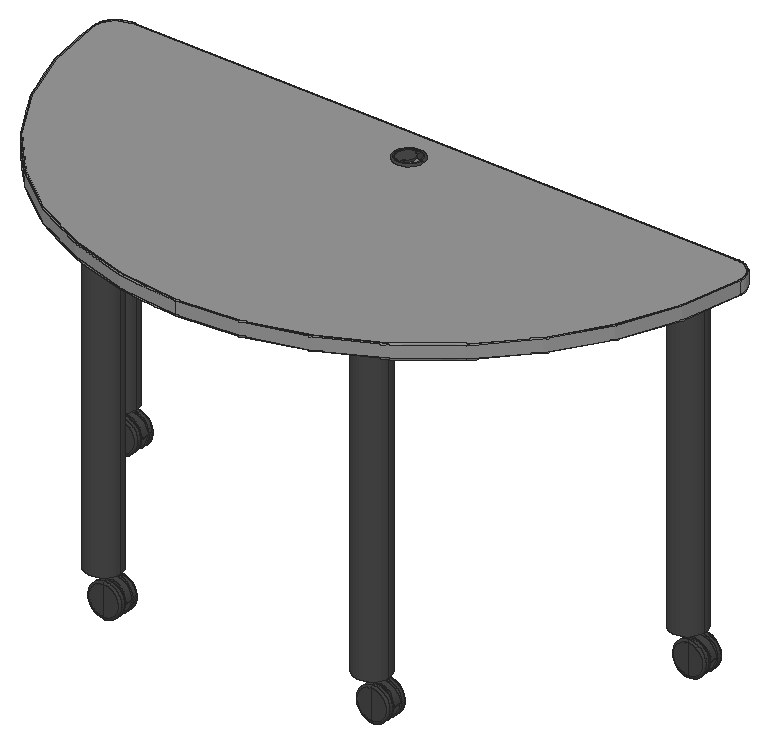
Revit family "Modular Conference Table Half Round", category Generic Models, Revit 2018
Family settings
  Can host rebar = No
  Round Connector Dimension = Use Diameter
  Part Type = Normal
  Work Plane-Based = No
  Always vertical = Yes
  Cut with Voids When Loaded = No
  Shared = No
  Room Calculation Point = No
Parameters
  Surface = Modular Half Round Surface
  Edgeband = Modular Half Round Edgeband
Reference planes (in)
  plane 1 "Center (Front/Back)": y = 0
  plane 2: z = 0
  plane 3 "Center (Left/Right)": x = 0
Forms (in)
  Extrusion 1, solid, material "Modular Half Round Surface" <- "Surface"
    sketch origin (0, 0, 0) x (1, 0, 0) y (0, 1, 0)
      loop
        circle (0, 11.5) r 1.21937
      loop
        line (26.92539, 14.42126) -> (-26.92539, 14.42126)
        arc (-26.92539, 14.42126) -> (-28.30406, 13.82067) -> (-28.80279, 12.40197) r 1.88218
        arc (-28.80279, 12.40197) -> (-19.64181, -6.61326) -> (0, -14.33996) r 28.92149
        arc (0, -14.33996) -> (19.66127, -6.63421) -> (28.80279, 12.40197) r 28.84306
        arc (28.80279, 12.40197) -> (28.30406, 13.82067) -> (26.92539, 14.42126) r 1.88218
    from 30.55647 to 31.80647
  Sweep 2, solid, material "Modular Half Round Edgeband" <- "Edgeband"
    path origin (0, 0, 0) x (1, 0, 0) y (0, 1, 0)
      loop
        arc (-28.80279, 12.40197) -> (-19.64181, -6.61326) -> (0, -14.33996) r 28.92149
        arc (0, -14.33996) -> (19.66127, -6.63421) -> (28.80279, 12.40197) r 28.84306
        arc (28.80279, 12.40197) -> (28.30406, 13.82067) -> (26.92539, 14.42126) r 1.88218
        line (26.92539, 14.42126) -> (-26.92539, 14.42126)
        arc (-26.92539, 14.42126) -> (-28.30406, 13.82067) -> (-28.80279, 12.40197) r 1.88218
    profile origin (-19.64181, -6.61326, 0) x (0.680403, 0.732838, 0) y (0, 0, 1)
      loop
        arc (0, 31.80647) -> (-0.05568, 31.78341) -> (-0.07874, 31.72773) r 0.07874
        line (-0.07874, 31.72773) -> (-0.07874, 30.63521)
        arc (-0.07874, 30.63521) -> (-0.05568, 30.57953) -> (0, 30.55647) r 0.07874
        line (0, 30.55647) -> (0, 31.80647)
  Sweep 3, solid, material "Modular Grommet"
    path origin (0, 0.50626, 0) x (1, 0, 0) y (0, 1, 0)
      loop
        circle (0, 11) r 1.21937
    profile origin (0, 12.72564, 0) x (0, 1, 0) y (0, 0, 1)
      loop
        line (-0.09608, 31.80647) -> (0.06005, 31.80647)
        arc (0.06005, 31.80647) -> (-0.00337, 31.87932) -> (-0.09608, 31.90647) r 0.17188
        line (-0.09608, 31.90647) -> (-0.1889, 31.90647) -> (-0.1889, 31.30647) -> (-0.09608, 31.30647) -> (-0.09608, 31.80647)
  Extrusion 4, solid, material "Modular Grommet"
    sketch origin (0, 22.50627, 0) x (-1, 0, 0) y (0, -1, 0)
      loop
        arc (-0.11798, 11.61999) -> (-0.53018, 10.99892) -> (-0.11599, 10.37918) r 0.67236
        arc (-0.11599, 10.37918) -> (-0.05885, 10.34094) -> (-0.01963, 10.28448) r 0.18494
        arc (-0.01963, 10.28448) -> (-0.04716, 10.07758) -> (-0.24007, 9.99789) r 0.20881
        arc (-0.24007, 9.99789) -> (0.63815, 10.19091) -> (1.03047, 11) r 1.03047
        arc (1.03047, 11) -> (0.63815, 11.80909) -> (-0.24007, 12.00211) r 1.03047
        arc (-0.24007, 12.00211) -> (-0.04716, 11.92242) -> (-0.01963, 11.71552) r 0.20881
        arc (-0.01963, 11.71552) -> (-0.05962, 11.6583) -> (-0.11798, 11.61999) r 0.18494
    from 31.80647 to 31.90647
  Extrusion 5, solid, material "Modular Frame"
    sketch origin (0, 0, 0) x (1, 0, 0) y (0, 1, 0)
      loop
        line (22.72001, 13.09921) -> (22.72001, 9.09921)
        arc (22.72001, 9.09921) -> (22.86646, 8.74566) -> (23.22001, 8.59921) r 0.5
        line (23.22001, 8.59921) -> (27.22001, 8.59921)
        arc (27.22001, 8.59921) -> (27.57356, 8.74566) -> (27.72001, 9.09922) r 0.5
        line (27.72001, 9.09922) -> (27.72001, 13.09922)
        arc (27.72001, 13.09922) -> (27.57356, 13.45277) -> (27.22001, 13.59921) r 0.5
        line (27.22001, 13.59921) -> (23.22001, 13.59921)
        arc (23.22001, 13.59921) -> (22.86646, 13.45277) -> (22.72001, 13.09921) r 0.5
      loop
        line (9.5446, -5.66523) -> (9.5446, -9.66523)
        arc (9.5446, -9.66523) -> (9.69104, -10.01878) -> (10.0446, -10.16523) r 0.5
        line (10.0446, -10.16523) -> (14.0446, -10.16523)
        arc (14.0446, -10.16523) -> (14.39815, -10.01878) -> (14.5446, -9.66523) r 0.5
        line (14.5446, -9.66523) -> (14.5446, -5.66523)
        arc (14.5446, -5.66523) -> (14.39815, -5.31168) -> (14.0446, -5.16523) r 0.5
        line (14.0446, -5.16523) -> (10.0446, -5.16523)
        arc (10.0446, -5.16523) -> (9.69105, -5.31168) -> (9.5446, -5.66523) r 0.5
      loop
        arc (-22.93795, 13.09921) -> (-23.0844, 13.45277) -> (-23.43795, 13.59921) r 0.5
        line (-23.43795, 13.59921) -> (-27.43795, 13.59921)
        arc (-27.43795, 13.59921) -> (-27.7915, 13.45277) -> (-27.93795, 13.09922) r 0.5
        line (-27.93795, 13.09922) -> (-27.93795, 9.09922)
        arc (-27.93795, 9.09922) -> (-27.7915, 8.74566) -> (-27.43795, 8.59921) r 0.5
        line (-27.43795, 8.59921) -> (-23.43795, 8.59921)
        arc (-23.43795, 8.59921) -> (-23.0844, 8.74566) -> (-22.93795, 9.09921) r 0.5
        line (-22.93795, 9.09921) -> (-22.93795, 13.09921)
      loop
        arc (-9.22469, -5.81575) -> (-9.37113, -5.4622) -> (-9.72469, -5.31575) r 0.5
        line (-9.72469, -5.31575) -> (-13.72469, -5.31575)
        arc (-13.72469, -5.31575) -> (-14.07824, -5.4622) -> (-14.22469, -5.81575) r 0.5
        line (-14.22469, -5.81575) -> (-14.22469, -9.81575)
        arc (-14.22469, -9.81575) -> (-14.07824, -10.1693) -> (-13.72468, -10.31575) r 0.5
        line (-13.72468, -10.31575) -> (-9.72469, -10.31575)
        arc (-9.72469, -10.31575) -> (-9.37113, -10.16931) -> (-9.22469, -9.81575) r 0.5
        line (-9.22469, -9.81575) -> (-9.22469, -5.81575)
    from 30.45647 to 30.55647
  Extrusion 6, solid, material "Modular Frame"
    sketch origin (0, 0, 0) x (1, 0, 0) y (0, 1, 0)
      loop
        circle (25.21886, 11.09591) r 1.5
      loop
        circle (12.04446, -7.66727) r 1.5
      loop
        circle (-25.43761, 11.09591) r 1.5
      loop
        circle (-11.73196, -7.82352) r 1.5
    from 3.45647 to 30.45647
  Revolve 7, solid, material "Modular Casters"
    sketch origin (-25.43761, 27.90694, 0) x (0, -1, 0) y (0, 0, 1)
      loop
        line (16.81102, 3.5211) -> (16.81102, 3.16677) -> (17.00648, 3.16677) -> (17.00648, 3.20614) -> (17.08661, 3.20614) -> (17.08661, 3.44236) -> (17.1339, 3.44236) -> (17.1339, 3.5211) -> (16.81102, 3.5211)
      axis (16.81102, 3.5211) -> (16.81102, 3.16677)
    angle from 0 to 360
  Revolve 8, solid, material "Modular Casters"
    sketch origin (-24.64377, 27.90694, 0) x (0, -1, 0) y (0, 0, 1)
      loop
        line (17.22441, 1.4778) -> (17.22441, 0.07982)
        arc (17.22441, 0.07982) -> (17.24779, 0.02338) -> (17.30423, 0) r 0.07982
        line (17.30423, 0) -> (17.61778, 0)
        arc (17.61778, 0) -> (17.7291, 0.04611) -> (17.7752, 0.15742) r 0.15742
        line (17.7752, 0.15742) -> (17.7752, 1.4778) -> (17.22441, 1.4778)
      axis (17.22441, 1.4778) -> (17.7752, 1.4778)
    angle from 0 to 360
  Extrusion 9, solid, material "Modular Casters"
    sketch origin (-15.00314, 27.90694, 0) x (1, 0, 0) y (0, 0, 1)
      loop
        arc (-8.77559, 1.08409) -> (-8.74775, 1.09563) -> (-8.73622, 1.12347) r 0.03937
        line (-8.73622, 1.12347) -> (-8.73622, 1.43843)
        arc (-8.73622, 1.43843) -> (-8.72469, 1.46626) -> (-8.69685, 1.4778) r 0.03937
        line (-8.69685, 1.4778) -> (-8.20422, 1.4778)
        arc (-8.20422, 1.4778) -> (-8.17682, 1.4885) -> (-8.16394, 1.51495) r 0.04041
        arc (-8.16394, 1.51495) -> (-9.83914, 2.94108) -> (-11.07437, 1.12056) r 1.4773
        arc (-11.07437, 1.12056) -> (-11.06369, 1.09477) -> (-11.03791, 1.08409) r 0.03646
        line (-11.03791, 1.08409) -> (-8.77559, 1.08409)
    from 16.51575 to 17.1063
  Revolve 10, solid, material "Modular Casters"
    sketch origin (-25.43538, 27.90694, 0) x (0, -1, 0) y (0, 0, 1)
      loop
        line (17.1063, 2.16677) -> (17.1063, 3.16677) -> (16.81102, 3.16677) -> (16.81102, 2.16677) -> (17.1063, 2.16677)
      axis (16.81102, 3.16677) -> (16.81102, 2.16677)
    angle from 0 to 360
  Extrusion 11, solid, material "Modular Casters"
    sketch origin (-15.00314, 27.90694, 0) x (1, 0, 0) y (0, 0, 1)
      loop
        circle (-9.64651, 1.48012) r 0.29382
    from 16.39764 to 17.22441
  Revolve 12, solid, material "Modular Casters"
    sketch origin (-24.64377, -5.71511, 0) x (0, 1, 0) y (0, 0, -1)
      loop
        line (17.22441, -1.4778) -> (17.7752, -1.4778) -> (17.7752, -0.15742)
        arc (17.7752, -0.15742) -> (17.7291, -0.04611) -> (17.61778, 0) r 0.15742
        line (17.61778, 0) -> (17.30423, 0)
        arc (17.30423, 0) -> (17.24779, -0.02338) -> (17.22441, -0.07982) r 0.07982
        line (17.22441, -0.07982) -> (17.22441, -1.4778)
      axis (17.22441, -1.4778) -> (17.7752, -1.4778)
    angle from 0 to 360
  Revolve 13, solid, material "Modular Casters"
    sketch origin (-11.73196, 8.98751, 0) x (0, -1, 0) y (0, 0, 1)
      loop
        line (16.81102, 3.5211) -> (16.81102, 3.16677) -> (17.00648, 3.16677) -> (17.00648, 3.20614) -> (17.08661, 3.20614) -> (17.08661, 3.44236) -> (17.1339, 3.44236) -> (17.1339, 3.5211) -> (16.81102, 3.5211)
      axis (16.81102, 3.5211) -> (16.81102, 3.16677)
    angle from 0 to 360
  Revolve 14, solid, material "Modular Casters"
    sketch origin (-10.93812, 8.98751, 0) x (0, -1, 0) y (0, 0, 1)
      loop
        line (17.22441, 1.4778) -> (17.22441, 0.07982)
        arc (17.22441, 0.07982) -> (17.24779, 0.02338) -> (17.30423, 0) r 0.07982
        line (17.30423, 0) -> (17.61778, 0)
        arc (17.61778, 0) -> (17.7291, 0.04611) -> (17.7752, 0.15742) r 0.15742
        line (17.7752, 0.15742) -> (17.7752, 1.4778) -> (17.22441, 1.4778)
      axis (17.22441, 1.4778) -> (17.7752, 1.4778)
    angle from 0 to 360
  Extrusion 15, solid, material "Modular Casters"
    sketch origin (-1.29749, 8.98751, 0) x (1, 0, 0) y (0, 0, 1)
      loop
        arc (-8.77559, 1.08409) -> (-8.74775, 1.09563) -> (-8.73622, 1.12347) r 0.03937
        line (-8.73622, 1.12347) -> (-8.73622, 1.43843)
        arc (-8.73622, 1.43843) -> (-8.72469, 1.46626) -> (-8.69685, 1.4778) r 0.03937
        line (-8.69685, 1.4778) -> (-8.20422, 1.4778)
        arc (-8.20422, 1.4778) -> (-8.17682, 1.4885) -> (-8.16394, 1.51495) r 0.04041
        arc (-8.16394, 1.51495) -> (-9.83914, 2.94108) -> (-11.07437, 1.12056) r 1.4773
        arc (-11.07437, 1.12056) -> (-11.06369, 1.09477) -> (-11.03791, 1.08409) r 0.03646
        line (-11.03791, 1.08409) -> (-8.77559, 1.08409)
    from 16.51575 to 17.1063
  Revolve 16, solid, material "Modular Casters"
    sketch origin (-11.72973, 8.98751, 0) x (0, -1, 0) y (0, 0, 1)
      loop
        line (17.1063, 2.16677) -> (17.1063, 3.16677) -> (16.81102, 3.16677) -> (16.81102, 2.16677) -> (17.1063, 2.16677)
      axis (16.81102, 3.16677) -> (16.81102, 2.16677)
    angle from 0 to 360
  Extrusion 17, solid, material "Modular Casters"
    sketch origin (-1.29749, 8.98751, 0) x (1, 0, 0) y (0, 0, 1)
      loop
        circle (-9.64651, 1.48012) r 0.29382
    from 16.39764 to 17.22441
  Revolve 18, solid, material "Modular Casters"
    sketch origin (-10.93812, -24.63454, 0) x (0, 1, 0) y (0, 0, -1)
      loop
        line (17.22441, -1.4778) -> (17.7752, -1.4778) -> (17.7752, -0.15742)
        arc (17.7752, -0.15742) -> (17.7291, -0.04611) -> (17.61778, 0) r 0.15742
        line (17.61778, 0) -> (17.30423, 0)
        arc (17.30423, 0) -> (17.24779, -0.02338) -> (17.22441, -0.07982) r 0.07982
        line (17.22441, -0.07982) -> (17.22441, -1.4778)
      axis (17.22441, -1.4778) -> (17.7752, -1.4778)
    angle from 0 to 360
  Revolve 19, solid, material "Modular Casters"
    sketch origin (25.21886, 27.90694, 0) x (0, -1, 0) y (0, 0, 1)
      loop
        line (16.81102, 3.5211) -> (16.81102, 3.16677) -> (17.00648, 3.16677) -> (17.00648, 3.20614) -> (17.08661, 3.20614) -> (17.08661, 3.44236) -> (17.1339, 3.44236) -> (17.1339, 3.5211) -> (16.81102, 3.5211)
      axis (16.81102, 3.5211) -> (16.81102, 3.16677)
    angle from 0 to 360
  Revolve 20, solid, material "Modular Casters"
    sketch origin (26.01269, 27.90694, 0) x (0, -1, 0) y (0, 0, 1)
      loop
        line (17.22441, 1.4778) -> (17.22441, 0.07982)
        arc (17.22441, 0.07982) -> (17.24779, 0.02338) -> (17.30423, 0) r 0.07982
        line (17.30423, 0) -> (17.61778, 0)
        arc (17.61778, 0) -> (17.7291, 0.04611) -> (17.7752, 0.15742) r 0.15742
        line (17.7752, 0.15742) -> (17.7752, 1.4778) -> (17.22441, 1.4778)
      axis (17.22441, 1.4778) -> (17.7752, 1.4778)
    angle from 0 to 360
  Extrusion 21, solid, material "Modular Casters"
    sketch origin (35.65332, 27.90694, 0) x (1, 0, 0) y (0, 0, 1)
      loop
        arc (-8.77559, 1.08409) -> (-8.74775, 1.09563) -> (-8.73622, 1.12347) r 0.03937
        line (-8.73622, 1.12347) -> (-8.73622, 1.43843)
        arc (-8.73622, 1.43843) -> (-8.72469, 1.46626) -> (-8.69685, 1.4778) r 0.03937
        line (-8.69685, 1.4778) -> (-8.20422, 1.4778)
        arc (-8.20422, 1.4778) -> (-8.17682, 1.4885) -> (-8.16394, 1.51495) r 0.04041
        arc (-8.16394, 1.51495) -> (-9.83914, 2.94108) -> (-11.07437, 1.12056) r 1.4773
        arc (-11.07437, 1.12056) -> (-11.06369, 1.09477) -> (-11.03791, 1.08409) r 0.03646
        line (-11.03791, 1.08409) -> (-8.77559, 1.08409)
    from 16.51575 to 17.1063
  Revolve 22, solid, material "Modular Casters"
    sketch origin (25.22108, 27.90694, 0) x (0, -1, 0) y (0, 0, 1)
      loop
        line (17.1063, 2.16677) -> (17.1063, 3.16677) -> (16.81102, 3.16677) -> (16.81102, 2.16677) -> (17.1063, 2.16677)
      axis (16.81102, 3.16677) -> (16.81102, 2.16677)
    angle from 0 to 360
  Extrusion 23, solid, material "Modular Casters"
    sketch origin (35.65332, 27.90694, 0) x (1, 0, 0) y (0, 0, 1)
      loop
        circle (-9.64651, 1.48012) r 0.29382
    from 16.39764 to 17.22441
  Revolve 24, solid, material "Modular Casters"
    sketch origin (26.01269, -5.71511, 0) x (0, 1, 0) y (0, 0, -1)
      loop
        line (17.22441, -1.4778) -> (17.7752, -1.4778) -> (17.7752, -0.15742)
        arc (17.7752, -0.15742) -> (17.7291, -0.04611) -> (17.61778, 0) r 0.15742
        line (17.61778, 0) -> (17.30423, 0)
        arc (17.30423, 0) -> (17.24779, -0.02338) -> (17.22441, -0.07982) r 0.07982
        line (17.22441, -0.07982) -> (17.22441, -1.4778)
      axis (17.22441, -1.4778) -> (17.7752, -1.4778)
    angle from 0 to 360
  Revolve 25, solid, material "Modular Casters"
    sketch origin (12.04446, 9.14376, 0) x (0, -1, 0) y (0, 0, 1)
      loop
        line (16.81102, 3.5211) -> (16.81102, 3.16677) -> (17.00648, 3.16677) -> (17.00648, 3.20614) -> (17.08661, 3.20614) -> (17.08661, 3.44236) -> (17.1339, 3.44236) -> (17.1339, 3.5211) -> (16.81102, 3.5211)
      axis (16.81102, 3.5211) -> (16.81102, 3.16677)
    angle from 0 to 360
  Revolve 26, solid, material "Modular Casters"
    sketch origin (12.83829, 9.14376, 0) x (0, -1, 0) y (0, 0, 1)
      loop
        line (17.22441, 1.4778) -> (17.22441, 0.07982)
        arc (17.22441, 0.07982) -> (17.24779, 0.02338) -> (17.30423, 0) r 0.07982
        line (17.30423, 0) -> (17.61778, 0)
        arc (17.61778, 0) -> (17.7291, 0.04611) -> (17.7752, 0.15742) r 0.15742
        line (17.7752, 0.15742) -> (17.7752, 1.4778) -> (17.22441, 1.4778)
      axis (17.22441, 1.4778) -> (17.7752, 1.4778)
    angle from 0 to 360
  Extrusion 27, solid, material "Modular Casters"
    sketch origin (22.47892, 9.14376, 0) x (1, 0, 0) y (0, 0, 1)
      loop
        arc (-8.77559, 1.08409) -> (-8.74775, 1.09563) -> (-8.73622, 1.12347) r 0.03937
        line (-8.73622, 1.12347) -> (-8.73622, 1.43843)
        arc (-8.73622, 1.43843) -> (-8.72469, 1.46626) -> (-8.69685, 1.4778) r 0.03937
        line (-8.69685, 1.4778) -> (-8.20422, 1.4778)
        arc (-8.20422, 1.4778) -> (-8.17682, 1.4885) -> (-8.16394, 1.51495) r 0.04041
        arc (-8.16394, 1.51495) -> (-9.83914, 2.94108) -> (-11.07437, 1.12056) r 1.4773
        arc (-11.07437, 1.12056) -> (-11.06369, 1.09477) -> (-11.03791, 1.08409) r 0.03646
        line (-11.03791, 1.08409) -> (-8.77559, 1.08409)
    from 16.51575 to 17.1063
  Revolve 28, solid, material "Modular Casters"
    sketch origin (12.04668, 9.14376, 0) x (0, -1, 0) y (0, 0, 1)
      loop
        line (17.1063, 2.16677) -> (17.1063, 3.16677) -> (16.81102, 3.16677) -> (16.81102, 2.16677) -> (17.1063, 2.16677)
      axis (16.81102, 3.16677) -> (16.81102, 2.16677)
    angle from 0 to 360
  Extrusion 29, solid, material "Modular Casters"
    sketch origin (22.47892, 9.14376, 0) x (1, 0, 0) y (0, 0, 1)
      loop
        circle (-9.64651, 1.48012) r 0.29382
    from 16.39764 to 17.22441
  Revolve 30, solid, material "Modular Casters"
    sketch origin (12.83829, -24.47829, 0) x (0, 1, 0) y (0, 0, -1)
      loop
        line (17.22441, -1.4778) -> (17.7752, -1.4778) -> (17.7752, -0.15742)
        arc (17.7752, -0.15742) -> (17.7291, -0.04611) -> (17.61778, 0) r 0.15742
        line (17.61778, 0) -> (17.30423, 0)
        arc (17.30423, 0) -> (17.24779, -0.02338) -> (17.22441, -0.07982) r 0.07982
        line (17.22441, -0.07982) -> (17.22441, -1.4778)
      axis (17.22441, -1.4778) -> (17.7752, -1.4778)
    angle from 0 to 360
Dimensions and locks (in)
  aligned and locked: plane 2 to level
